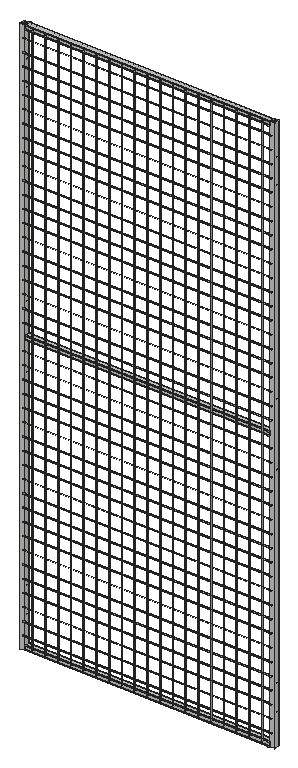
Revit family "conv_troax_wall_separator_ur350", category Möbel, Revit 2017
Family settings
  OmniClass-Nummer = 23.25.40.00
  OmniClass-Titel = Space Division Products
  Arbeitsebenenbasiert = Nein
  Immer vertikal = Ja
  Beim Laden mit Abzugskörper schneiden = Nein
  Gemeinsam genutzt = Nein
  Raumberechnungspunkt = Nein
Parameters (values of type "Caelum mesh panel UR350 1000mm")
  WarrantyStartDate [instance] = "n/a"
  WarrantyGuarantorParts = "n/a"
  WarrantyGuarantorLabor = "n/a"
  WarrantyDurationUnit = "Year"
  WarrantyDurationParts = "n/a"
  WarrantyDurationLabor = "n/a"
  WarrantyDescription = "n/a"
  WallType = ur350 1000 : ur350 1000
  WallPanelMainMaterial = Steel, Carbon
  VersionDate = "01/07/2019"  # constant formula
  Version = "1"  # constant formula
  Uniclass2015Reference = "Pr_25_71_57_60"
  Uniclass2015Description = "Partition panels"
  Uniclass2 = "Pr_25_71_57_60"
  URL = ""
  Type Comments = ""
  TagNumber [instance] = "n/a"
  SustainabilityPerformance = "n/a"
  Size = "21x2200x1000 mm"
  Shape = "Sculptured"
  SerialNumber [instance] = "n/a"
  Revision = "1"  # constant formula
  ReplacementCost = "n/a"
  ProductInformation = "Caelum mesh partitioning is a modular system available in various widths and heights that is suitable for industrial storage applications."
  ProductDatasheet = "https://www.troax.com/sites/all/files/files/troax_-_ur_350_caelum_-_2013-07-03.pdf"
  NominalWidth = 1000 mm
  NominalThickness = 0 mm
  NominalHeight = 2200 mm
  NominalDepth = 21 mm
  Name = "Wall_Separator_UR350_1000"
  NBSReference = "45-35-80/420"
  NBSDescription = "Panel partitions"
  ModelReference = "n/a"
  ModelNumber = "n/a"
  Material = "Carbon steel"
  ManufacturerURL = "https://www.troax.com/gb"
  ManufacturerName = "Troax"
  Modell = "Caelum mesh panel UR350 1000mm"
  Hersteller = "Troax"
  MainColor = "Grey"
  InstallationDate [instance] = "n/a"
  IfcExportType = "FENCE"  # constant formula
  IfcExportAs = "IfcSystemFurnitureElementTypePanel"  # constant formula
  HasOpening = yes
  Grade = "n/a"
  FurniturePanelType = "Other"  # constant formula
  Finish = "Powder coated as standard with a grey RAL 7037 finish; however other RAL colors are available upon request, panels can also be supplied hot dip galvanized for external use or in cold storage areas."
  Features = "Mesh panels can be modified on-site to fit any space; panels are constructed with a tubular welded frame that provides added strength; the system is fully demountable and relocatable"
  ExpectedLife = "n/a"
  DurationUnit = "Year"
  Beschreibung = "Caelum mesh partitioning is a modular system available in various widths and heights that is suitable for industrial storage applications. Mesh panels can be modified on-site to fit any space, providing security where required. Panels are constructed with a tubular welded frame that provides added strength. The system is fully demountable and relocatable, and allows natural light and ventilation. Panels are supplied powder coated as standard with a grey RAL 7037 finish; however other RAL colors are available upon request. Panels can also be supplied hot dip galvanized for external use or in cold storage areas."
  Kosten = 0
  ConvergoRefNr = "0054-1811-0013-SE"
  Constituents = "Cut profile: various length to use after cut height on site; End profile UR/UX L=2200 to use after cut panel length on site; U-profile UR 19x19x2200 various length to use after cut on site"
  Color = "Grey"
  Collection = "Caelum"
  CodePerformance = "n/a"
  Barcode [instance] = "n/a"
  AssetIdentifier [instance] = "n/a"
  Category = "Mesh partitions"
  Brand = "Troax"
  Author = "Convergo AB"  # constant formula
  AssetType = "Fixed"
  AccessibilityPerformance = "n/a"
Types (9, lengths in mm): name | WallType | URL | Size | NominalWidth | Name | Modell | ConvergoRefNr
  (no name) | ur350 1000 : ur350 1000 | "" | "21x2200x1000 mm" | 1000 | "Wall_Separator_UR350_1000" | "Caelum mesh panel UR350 1000mm" | "0054-1811-0013-SE"
  Caelum mesh panel UR350 200mm | ur350 200 : ur350 200 | "https://www.troax.com/ro/warehouse-partitioning/warehouse-partitions-and-industrial-partitions#qt-related-product-index=1" | "21x2200x200 mm" | 200 | "Wall_Separator_UR350_200" | "Caelum mesh panel UR350 200mm" | "0054-1811-0008-SE"
  Caelum mesh panel UR350 300mm | ur350 300 : ur350 300 | "https://www.troax.com/ro/warehouse-partitioning/warehouse-partitions-and-industrial-partitions#qt-related-product-index=1" | "21x2200x300 mm" | 300 | "Wall_Separator_UR350_300" | "Caelum mesh panel UR350 300mm" | "0054-1811-0009-SE"
  Caelum mesh panel UR350 500mm | ur350 500 : ur350 500 | "https://www.troax.com/ro/warehouse-partitioning/warehouse-partitions-and-industrial-partitions#qt-related-product-index=1" | "21x2200x500 mm" | 500 | "Wall_Separator_UR350_500" | "Caelum mesh panel UR350 500mm" | "0054-1811-0010-SE"
  Caelum mesh panel UR350 700mm | ur350 700 : ur350 700 | "https://www.troax.com/ro/warehouse-partitioning/warehouse-partitions-and-industrial-partitions#qt-related-product-index=1" | "21x2200x700 mm" | 700 | "Wall_Separator_UR350_700" | "Caelum mesh panel UR350 700mm" | "0054-1811-0011-SE"
  Caelum mesh panel UR350 800mm | ur350 800 : ur350 800 | "https://www.troax.com/ro/warehouse-partitioning/warehouse-partitions-and-industrial-partitions#qt-related-product-index=1" | "21x2200x800 mm" | 800 | "Wall_Separator_UR350_800" | "Caelum mesh panel UR350 800mm" | "0054-1811-0012-SE"
  Caelum mesh panel UR350 1000mm | ur350 1000 : ur350 1000 | "" | "21x2200x1000 mm" | 1000 | "Wall_Separator_UR350_1000" | "Caelum mesh panel UR350 1000mm" | "0054-1811-0013-SE"
  Caelum mesh panel UR350 1200mm | ur350 1200 : ur350 1200 | "https://www.troax.com/ro/warehouse-partitioning/warehouse-partitions-and-industrial-partitions#qt-related-product-index=1" | "21x2200x1200 mm" | 1200 | "Wall_Separator_UR350_1200" | "Caelum mesh panel UR350 1200mm" | "0054-1811-0014-SE"
  Caelum mesh panel UR350 1500mm | ur350 1500 : ur350 1500 | "https://www.troax.com/ro/warehouse-partitioning/warehouse-partitions-and-industrial-partitions#qt-related-product-index=1" | "21x2200x1500 mm" | 1500 | "Wall_Separator_UR350_1500" | "Caelum mesh panel UR350 1500mm" | "0054-1811-0015-SE"
Reference planes
  plane 1 "Center (Front/Back)": y = 0
  plane 2: z = 0
  plane 3 "Center (Left/Right)": x = 0
  plane 4: x = -500
  plane 5: x = 500
  plane 6: y = 10.8
  plane 7: y = -10.2
  plane 8: z = 2200
Dimensions and locks
  "NominalDepth": plane 6 to plane 7
  equal spacing: plane 4, plane 3 "Center (Left/Right)", plane 5
  "NominalWidth": plane 4 to plane 5
  "NominalHeight": plane 8 to level
  aligned and locked: level to plane 2
Nested families
  nested 1: "ur350 1000" at (0, 0, 0), type <- "WallType", MeshMaterial <- "WallPanelMainMaterial", type "ur350 1000"
    with MeshMaterial Steel, Carbon
Definition of nested family "ur350 1000"
  Parameters (values of type "ur350 1000")
    MeshMaterial [instance] = none
  Reference planes
    plane 1 "Center (Front/Back)": y = 0
    plane 2: z = 0
    plane 3 "Center (Left/Right)": x = 0
    plane 4: x = 500
    plane 5: x = -500
    plane 6: y = 10.75
    plane 7: y = -10
    plane 8: z = 2200
  Forms (mm)
    Extrusion 1, solid, material <- "MeshMaterial", detail levels medium+fine
      sketch origin (0, 0.7, 0) x (1, 0, 0) y (0, 1, 0)
        loop
          circle (-50, -9.45) r 1.25
        loop
          circle (0, -9.45) r 1.25
        loop
          circle (50, -9.45) r 1.25
        loop
          circle (-100, -9.45) r 1.25
        loop
          circle (100, -9.45) r 1.25
        loop
          circle (-150, -9.45) r 1.25
        loop
          circle (-200, -9.45) r 1.25
        loop
          circle (150, -9.45) r 1.25
        loop
          circle (200, -9.45) r 1.25
        loop
          circle (-250, -9.45) r 1.25
        loop
          circle (-300, -9.45) r 1.25
        loop
          circle (250, -9.45) r 1.25
        loop
          circle (300, -9.45) r 1.25
        loop
          circle (-350, -9.45) r 1.25
        loop
          circle (350, -9.45) r 1.25
        loop
          circle (400, -9.45) r 1.25
        loop
          circle (450, -9.45) r 1.25
        loop
          circle (-400, -9.45) r 1.25
        loop
          circle (-450, -9.45) r 1.25
      from 10 to 2190
    Extrusion 2, solid, material <- "MeshMaterial", detail levels medium+fine
      sketch origin (0, 0.75, 0) x (0, 1, 0) y (0, 0, 1)
        loop
          arc (-9.75, 2150) -> (-7.709, 2149.032) -> (-8.25, 2151.225) r 1.25
          arc (-8.25, 2151.225) -> (-9.291, 2150.968) -> (-9.75, 2150) r 1.25
        loop
          arc (-9.75, 2050) -> (-7.709, 2049.032) -> (-8.25, 2051.225) r 1.25
          arc (-8.25, 2051.225) -> (-9.291, 2050.968) -> (-9.75, 2050) r 1.25
        loop
          arc (-9.75, 1950) -> (-7.709, 1949.032) -> (-8.25, 1951.225) r 1.25
          arc (-8.25, 1951.225) -> (-9.291, 1950.968) -> (-9.75, 1950) r 1.25
        loop
          arc (-9.75, 1850) -> (-7.709, 1849.032) -> (-8.25, 1851.225) r 1.25
          arc (-8.25, 1851.225) -> (-9.291, 1850.968) -> (-9.75, 1850) r 1.25
        loop
          arc (-9.75, 1750) -> (-7.709, 1749.032) -> (-8.25, 1751.225) r 1.25
          arc (-8.25, 1751.225) -> (-9.291, 1750.968) -> (-9.75, 1750) r 1.25
        loop
          arc (-9.75, 1650) -> (-7.709, 1649.032) -> (-8.25, 1651.225) r 1.25
          arc (-8.25, 1651.225) -> (-9.291, 1650.968) -> (-9.75, 1650) r 1.25
        loop
          arc (-9.75, 1550) -> (-7.709, 1549.032) -> (-8.25, 1551.225) r 1.25
          arc (-8.25, 1551.225) -> (-9.291, 1550.968) -> (-9.75, 1550) r 1.25
        loop
          arc (-9.75, 1450) -> (-7.709, 1449.032) -> (-8.25, 1451.225) r 1.25
          arc (-8.25, 1451.225) -> (-9.291, 1450.968) -> (-9.75, 1450) r 1.25
        loop
          arc (-9.75, 1350) -> (-7.709, 1349.032) -> (-8.25, 1351.225) r 1.25
          arc (-8.25, 1351.225) -> (-9.291, 1350.968) -> (-9.75, 1350) r 1.25
        loop
          arc (-9.75, 1250) -> (-7.709, 1249.032) -> (-8.25, 1251.225) r 1.25
          arc (-8.25, 1251.225) -> (-9.291, 1250.968) -> (-9.75, 1250) r 1.25
        loop
          arc (-9.75, 1150) -> (-7.709, 1149.032) -> (-8.25, 1151.225) r 1.25
          arc (-8.25, 1151.225) -> (-9.291, 1150.968) -> (-9.75, 1150) r 1.25
        loop
          arc (-9.75, 1050) -> (-7.709, 1049.032) -> (-8.25, 1051.225) r 1.25
          arc (-8.25, 1051.225) -> (-9.291, 1050.968) -> (-9.75, 1050) r 1.25
        loop
          arc (-9.75, 950) -> (-7.709, 949.032) -> (-8.25, 951.225) r 1.25
          arc (-8.25, 951.225) -> (-9.291, 950.968) -> (-9.75, 950) r 1.25
        loop
          arc (-9.75, 850) -> (-7.709, 849.032) -> (-8.25, 851.225) r 1.25
          arc (-8.25, 851.225) -> (-9.291, 850.968) -> (-9.75, 850) r 1.25
        loop
          arc (-9.75, 750) -> (-7.709, 749.032) -> (-8.25, 751.225) r 1.25
          arc (-8.25, 751.225) -> (-9.291, 750.968) -> (-9.75, 750) r 1.25
        loop
          arc (-9.75, 650) -> (-7.709, 649.032) -> (-8.25, 651.225) r 1.25
          arc (-8.25, 651.225) -> (-9.291, 650.968) -> (-9.75, 650) r 1.25
        loop
          arc (-9.75, 550) -> (-7.709, 549.032) -> (-8.25, 551.225) r 1.25
          arc (-8.25, 551.225) -> (-9.291, 550.968) -> (-9.75, 550) r 1.25
        loop
          arc (-9.75, 450) -> (-7.709, 449.032) -> (-8.25, 451.225) r 1.25
          arc (-8.25, 451.225) -> (-9.291, 450.968) -> (-9.75, 450) r 1.25
        loop
          arc (-9.75, 350) -> (-7.709, 349.032) -> (-8.25, 351.225) r 1.25
          arc (-8.25, 351.225) -> (-9.291, 350.968) -> (-9.75, 350) r 1.25
        loop
          arc (-9.75, 250) -> (-7.709, 249.032) -> (-8.25, 251.225) r 1.25
          arc (-8.25, 251.225) -> (-9.291, 250.968) -> (-9.75, 250) r 1.25
        loop
          arc (-9.75, 150) -> (-7.709, 149.032) -> (-8.25, 151.225) r 1.25
          arc (-8.25, 151.225) -> (-9.291, 150.968) -> (-9.75, 150) r 1.25
        loop
          arc (-9.75, 50) -> (-7.709, 49.032) -> (-8.25, 51.225) r 1.25
          arc (-8.25, 51.225) -> (-9.291, 50.968) -> (-9.75, 50) r 1.25
        loop
          arc (-9.75, 2100) -> (-7.709, 2099.032) -> (-8.25, 2101.225) r 1.25
          arc (-8.25, 2101.225) -> (-9.291, 2100.968) -> (-9.75, 2100) r 1.25
        loop
          arc (-9.75, 2000) -> (-7.709, 1999.032) -> (-8.25, 2001.225) r 1.25
          arc (-8.25, 2001.225) -> (-9.291, 2000.968) -> (-9.75, 2000) r 1.25
        loop
          arc (-9.75, 1900) -> (-7.709, 1899.032) -> (-8.25, 1901.225) r 1.25
          arc (-8.25, 1901.225) -> (-9.291, 1900.968) -> (-9.75, 1900) r 1.25
        loop
          arc (-9.75, 1800) -> (-7.709, 1799.032) -> (-8.25, 1801.225) r 1.25
          arc (-8.25, 1801.225) -> (-9.291, 1800.968) -> (-9.75, 1800) r 1.25
        loop
          arc (-9.75, 1700) -> (-7.709, 1699.032) -> (-8.25, 1701.225) r 1.25
          arc (-8.25, 1701.225) -> (-9.291, 1700.968) -> (-9.75, 1700) r 1.25
        loop
          arc (-9.75, 1600) -> (-7.709, 1599.032) -> (-8.25, 1601.225) r 1.25
          arc (-8.25, 1601.225) -> (-9.291, 1600.968) -> (-9.75, 1600) r 1.25
        loop
          arc (-9.75, 1500) -> (-7.709, 1499.032) -> (-8.25, 1501.225) r 1.25
          arc (-8.25, 1501.225) -> (-9.291, 1500.968) -> (-9.75, 1500) r 1.25
        loop
          arc (-9.75, 1400) -> (-7.709, 1399.032) -> (-8.25, 1401.225) r 1.25
          arc (-8.25, 1401.225) -> (-9.291, 1400.968) -> (-9.75, 1400) r 1.25
        loop
          arc (-9.75, 1300) -> (-7.709, 1299.032) -> (-8.25, 1301.225) r 1.25
          arc (-8.25, 1301.225) -> (-9.291, 1300.968) -> (-9.75, 1300) r 1.25
        loop
          arc (-9.75, 1200) -> (-7.709, 1199.032) -> (-8.25, 1201.225) r 1.25
          arc (-8.25, 1201.225) -> (-9.291, 1200.968) -> (-9.75, 1200) r 1.25
        loop
          arc (-9.75, 1000) -> (-7.709, 999.032) -> (-8.25, 1001.225) r 1.25
          arc (-8.25, 1001.225) -> (-9.291, 1000.968) -> (-9.75, 1000) r 1.25
        loop
          arc (-9.75, 900) -> (-7.709, 899.032) -> (-8.25, 901.225) r 1.25
          arc (-8.25, 901.225) -> (-9.291, 900.968) -> (-9.75, 900) r 1.25
        loop
          arc (-9.75, 800) -> (-7.709, 799.032) -> (-8.25, 801.225) r 1.25
          arc (-8.25, 801.225) -> (-9.291, 800.968) -> (-9.75, 800) r 1.25
        loop
          arc (-9.75, 700) -> (-7.709, 699.032) -> (-8.25, 701.225) r 1.25
          arc (-8.25, 701.225) -> (-9.291, 700.968) -> (-9.75, 700) r 1.25
        loop
          arc (-9.75, 600) -> (-7.709, 599.032) -> (-8.25, 601.225) r 1.25
          arc (-8.25, 601.225) -> (-9.291, 600.968) -> (-9.75, 600) r 1.25
        loop
          arc (-9.75, 500) -> (-7.709, 499.032) -> (-8.25, 501.225) r 1.25
          arc (-8.25, 501.225) -> (-9.291, 500.968) -> (-9.75, 500) r 1.25
        loop
          arc (-9.75, 400) -> (-7.709, 399.032) -> (-8.25, 401.225) r 1.25
          arc (-8.25, 401.225) -> (-9.291, 400.968) -> (-9.75, 400) r 1.25
        loop
          arc (-9.75, 300) -> (-7.709, 299.032) -> (-8.25, 301.225) r 1.25
          arc (-8.25, 301.225) -> (-9.291, 300.968) -> (-9.75, 300) r 1.25
        loop
          arc (-9.75, 200) -> (-7.709, 199.032) -> (-8.25, 201.225) r 1.25
          arc (-8.25, 201.225) -> (-9.291, 200.968) -> (-9.75, 200) r 1.25
        loop
          arc (-9.75, 100) -> (-7.709, 99.032) -> (-8.25, 101.225) r 1.25
          arc (-8.25, 101.225) -> (-9.291, 100.968) -> (-9.75, 100) r 1.25
      from -490 to 490
    Extrusion 3, solid, material <- "MeshMaterial", detail levels medium+fine
      sketch origin (-400, 0, 0) x (1, 0, 0) y (0, 1, 0)
        loop
          line (-100, 9.45) -> (-100, -6.95)
          arc (-100, -6.95) -> (-99.619, -7.869) -> (-98.7, -8.25) r 1.3
          line (-98.7, -8.25) -> (-82.3, -8.25)
          arc (-82.3, -8.25) -> (-81.381, -7.869) -> (-81, -6.95) r 1.3
          line (-81, -6.95) -> (-81, 9.45)
          arc (-81, 9.45) -> (-81.381, 10.369) -> (-82.3, 10.75) r 1.3
          line (-82.3, 10.75) -> (-98.7, 10.75)
          arc (-98.7, 10.75) -> (-99.619, 10.369) -> (-100, 9.45) r 1.3
        loop
          line (-82, 9.75) -> (-99, 9.75) -> (-99, -7.25) -> (-82, -7.25) -> (-82, 9.75)
      from 0 to 2200
    Extrusion 4, solid, material <- "MeshMaterial", detail levels medium+fine
      sketch origin (150, 0, 0) x (-1, 0, 0) y (0, -1, 0)
        loop
          arc (-350, -9.45) -> (-349.619, -10.369) -> (-348.7, -10.75) r 1.3
          line (-348.7, -10.75) -> (-332.3, -10.75)
          arc (-332.3, -10.75) -> (-331.381, -10.369) -> (-331, -9.45) r 1.3
          line (-331, -9.45) -> (-331, 6.95)
          arc (-331, 6.95) -> (-331.381, 7.869) -> (-332.3, 8.25) r 1.3
          line (-332.3, 8.25) -> (-348.7, 8.25)
          arc (-348.7, 8.25) -> (-349.619, 7.869) -> (-350, 6.95) r 1.3
          line (-350, 6.95) -> (-350, -9.45)
        loop
          line (-332, -9.75) -> (-332, 7.25) -> (-349, 7.25) -> (-349, -9.75) -> (-332, -9.75)
      from 0 to 2200
    Extrusion 5, solid, material <- "MeshMaterial", detail levels medium+fine
      sketch origin (0, 0, -1090.5) x (0, 1, 0) y (0, 0, 1)
        loop
          line (9.45, 2200) -> (-7.05, 2200)
          arc (-7.05, 2200) -> (-8.263, 2198.25) -> (-7.05, 2196.5) r 1.869
          line (-7.05, 2196.5) -> (-7.05, 2184.5)
          arc (-7.05, 2184.5) -> (-8.251, 2182.75) -> (-7.05, 2181) r 1.875
          line (-7.05, 2181) -> (9.45, 2181)
          arc (9.45, 2181) -> (10.369, 2181.381) -> (10.75, 2182.3) r 1.3
          line (10.75, 2182.3) -> (10.75, 2198.7)
          arc (10.75, 2198.7) -> (10.369, 2199.619) -> (9.45, 2200) r 1.3
        loop
          line (9.75, 2182) -> (9.75, 2199) -> (-6.05, 2199) -> (-6.05, 2182) -> (9.75, 2182)
      from -481 to 481
    Extrusion 6, solid, material <- "MeshMaterial", detail levels medium+fine
      sketch origin (0, 0, 0) x (0, 1, 0) y (0, 0, 1)
        loop
          line (9.45, 2200) -> (-7.05, 2200)
          arc (-7.05, 2200) -> (-8.263, 2198.25) -> (-7.05, 2196.5) r 1.869
          line (-7.05, 2196.5) -> (-7.05, 2184.5)
          arc (-7.05, 2184.5) -> (-8.251, 2182.75) -> (-7.05, 2181) r 1.875
          line (-7.05, 2181) -> (9.45, 2181)
          arc (9.45, 2181) -> (10.369, 2181.381) -> (10.75, 2182.3) r 1.3
          line (10.75, 2182.3) -> (10.75, 2198.7)
          arc (10.75, 2198.7) -> (10.369, 2199.619) -> (9.45, 2200) r 1.3
        loop
          line (9.75, 2182) -> (9.75, 2199) -> (-6.05, 2199) -> (-6.05, 2182) -> (9.75, 2182)
      from -481 to 481
    Extrusion 7, solid, material <- "MeshMaterial", detail levels medium+fine
      sketch origin (0, 0, -2181) x (0, 1, 0) y (0, 0, 1)
        loop
          line (9.45, 2200) -> (-7.05, 2200)
          arc (-7.05, 2200) -> (-8.263, 2198.25) -> (-7.05, 2196.5) r 1.869
          line (-7.05, 2196.5) -> (-7.05, 2184.5)
          arc (-7.05, 2184.5) -> (-8.251, 2182.75) -> (-7.05, 2181) r 1.875
          line (-7.05, 2181) -> (9.45, 2181)
          arc (9.45, 2181) -> (10.369, 2181.381) -> (10.75, 2182.3) r 1.3
          line (10.75, 2182.3) -> (10.75, 2198.7)
          arc (10.75, 2198.7) -> (10.369, 2199.619) -> (9.45, 2200) r 1.3
        loop
          line (9.75, 2182) -> (9.75, 2199) -> (-6.05, 2199) -> (-6.05, 2182) -> (9.75, 2182)
      from -481 to 481
    Extrusion 8, void
      sketch origin (0, 0, 0) x (0, 1, 0) y (0, 0, 1)
        loop
          circle (1.25, 2075) r 5
        loop
          circle (1.25, 1975) r 5
        loop
          circle (1.25, 1225) r 5
        loop
          circle (1.25, 975) r 5
        loop
          circle (1.25, 225) r 5
        loop
          circle (1.25, 125) r 5
      from -2443.968 to 2106.031
    Extrusion 9, solid, material <- "MeshMaterial", detail levels coarse
      sketch origin (0, 0, 0) x (1, 0, 0) y (0, 1, 0)
        loop
          line (-500, -10) -> (500, -10) -> (500, 10.75) -> (-500, 10.75) -> (-500, -10)
      from 0 to 2200
  Cuts and joins
    Extrusion 8 cuts Extrusion 4
    Extrusion 8 cuts Extrusion 3
  Lines and regions (mm)
    symbolic lines, detail levels medium+fine
      curve 1: line (0, 10.75, 2200) -> (0, 10.75, 0)
      curve 2: line (0, 10.75, 0) -> (0, -8.25, 0)
      curve 3: line (0, -8.25, 0) -> (0, -8.25, 10)
      curve 4: line (0, -8.25, 10) -> (0, -10, 10)
      curve 5: line (0, -10, 10) -> (0, -10, 2190)
      curve 6: line (0, -10, 2190) -> (0, -8.25, 2190)
      curve 7: line (0, -8.25, 2190) -> (0, -8.25, 2200)
      curve 8: line (0, -8.25, 2200) -> (0, 10.75, 2200)
      curve 22: line (-500, 0, 2200) -> (500, 0, 2200)
      curve 23: line (-500, 0, 0) -> (-500, 0, 2200)
      curve 24: line (500, 0, 0) -> (-500, 0, 0)
      curve 25: line (500, 0, 2200) -> (500, 0, 0)
    symbolic lines, detail levels fine
      curve 9: line (0, -8.25, 2190) -> (0, -8.25, 10)
      curve 10: arc (0, 6.25, 2075) -> (0, 1.25, 2080) -> (0, -3.75, 2075) r 5
      curve 11: arc (0, -3.75, 2075) -> (0, 1.25, 2070) -> (0, 6.25, 2075) r 5
      curve 12: arc (0, 6.25, 1975) -> (0, 1.25, 1980) -> (0, -3.75, 1975) r 5
      curve 13: arc (0, -3.75, 1975) -> (0, 1.25, 1970) -> (0, 6.25, 1975) r 5
      curve 14: arc (0, 6.25, 1225) -> (0, 1.25, 1230) -> (0, -3.75, 1225) r 5
      curve 15: arc (0, -3.75, 1225) -> (0, 1.25, 1220) -> (0, 6.25, 1225) r 5
      curve 16: arc (0, -3.75, 975) -> (0, 1.25, 970) -> (0, 6.25, 975) r 5
      curve 17: arc (0, 6.25, 975) -> (0, 1.25, 980) -> (0, -3.75, 975) r 5
      curve 18: arc (0, 6.25, 225) -> (0, 1.25, 230) -> (0, -3.75, 225) r 5
      curve 19: arc (0, -3.75, 225) -> (0, 1.25, 220) -> (0, 6.25, 225) r 5
      curve 20: arc (0, 6.25, 125) -> (0, 1.25, 130) -> (0, -3.75, 125) r 5
      curve 21: arc (0, -3.75, 125) -> (0, 1.25, 120) -> (0, 6.25, 125) r 5
      curve 26: line (-481, 0, 3.5) -> (481, 0, 3.5)
      curve 27: line (-481, 0, 48.75) -> (-481, 0, 0)
      curve 28: line (-481, 0, 2196.5) -> (481, 0, 2196.5)
      curve 29: line (-500, 9.45, 0) -> (-500, -6.95, 0)
      curve 30: arc (-498.7, 10.75, 0) -> (-499.619, 10.369, 0) -> (-500, 9.45, 0) r 1.3
      curve 31: line (-482.3, 10.75, 0) -> (-498.7, 10.75, 0)
      curve 32: arc (-481, 9.45, 0) -> (-481.381, 10.369, 0) -> (-482.3, 10.75, 0) r 1.3
      curve 33: line (-481, 9.45, 0) -> (-481, 10.75, 0)
      curve 34: arc (-500, -6.95, 0) -> (-499.619, -7.869, 0) -> (-498.7, -8.25, 0) r 1.3
      curve 35: line (-498.7, -8.25, 0) -> (-490, -8.25, 0)
      curve 36: line (-490, -9.05, 0) -> (-451.225, -9.05, 0)
      curve 37: arc (-51.225, -9.05, 0) -> (-50.001, -10, 0) -> (-48.776, -9.053, 0) r 1.265
      curve 38: line (-48.776, -9.053, 0) -> (-1.224, -9.053, 0)
      curve 39: arc (-1.224, -9.053, 0) -> (0, -10, 0) -> (1.224, -9.053, 0) r 1.265
      curve 40: line (500, 9.45, 0) -> (500, -6.95, 0)
      curve 41: arc (498.7, 10.75, 0) -> (499.619, 10.369, 0) -> (500, 9.45, 0) r 1.3
      curve 42: line (482.3, 10.75, 0) -> (498.7, 10.75, 0)
      curve 43: arc (481, 9.45, 0) -> (481.381, 10.369, 0) -> (482.3, 10.75, 0) r 1.3
      curve 44: line (481, 9.45, 0) -> (481, 10.75, 0)
      curve 45: arc (500, -6.95, 0) -> (499.619, -7.869, 0) -> (498.7, -8.25, 0) r 1.3
      curve 46: line (498.7, -8.25, 0) -> (490, -8.25, 0)
      curve 47: line (490, -9.05, 0) -> (451.225, -9.05, 0)
      curve 48: arc (51.225, -9.05, 0) -> (50.001, -10, 0) -> (48.776, -9.053, 0) r 1.265
      curve 49: line (48.776, -9.053, 0) -> (1.224, -9.053, 0)
      curve 50: line (-481, 10.75, 0) -> (481, 10.75, 0)
      curve 51: line (-499, -7.25, 0) -> (-499, 9.75, 0)
      curve 52: line (-499, 9.75, 0) -> (-482, 9.75, 0)
      curve 53: line (-482, 9.75, 0) -> (-482, -7.25, 0)
      curve 54: line (-482, -7.25, 0) -> (-499, -7.25, 0)
      curve 55: line (-490, -8.25, 0) -> (-482.3, -8.25, 0)
      curve 56: arc (-482.3, -8.25, 0) -> (-481.381, -7.869, 0) -> (-481, -6.95, 0) r 1.3
      curve 57: line (-481, -6.95, 0) -> (-481, 9.45, 0)
      curve 58: line (482, -7.25, 0) -> (482, 9.75, 0)
      curve 59: line (482, 9.75, 0) -> (499, 9.75, 0)
      curve 60: line (499, 9.75, 0) -> (499, -7.25, 0)
      curve 61: line (499, -7.25, 0) -> (482, -7.25, 0)
      curve 62: line (481, 9.45, 0) -> (481, -7, 0)
      curve 63: arc (481, -7, 0) -> (481.366, -7.884, 0) -> (482.25, -8.25, 0) r 1.25
      curve 64: line (490, -8.25, 0) -> (482.25, -8.25, 0)
      curve 65: line (481, 0, 2200) -> (481, 0, 0)
      curve 66: arc (98.775, -9.05, 0) -> (99.999, -10, 0) -> (101.224, -9.053, 0) r 1.265
      curve 67: line (98.775, -9.05, 0) -> (51.225, -9.05, 0)
      curve 68: arc (-98.775, -9.05, 0) -> (-99.999, -10, 0) -> (-101.224, -9.053, 0) r 1.265
      curve 69: line (-98.775, -9.05, 0) -> (-51.225, -9.05, 0)
      curve 70: arc (-151.225, -9.05, 0) -> (-150.001, -10, 0) -> (-148.776, -9.053, 0) r 1.265
      curve 71: line (-148.776, -9.053, 0) -> (-101.224, -9.053, 0)
      curve 72: arc (-198.775, -9.05, 0) -> (-199.999, -10, 0) -> (-201.224, -9.053, 0) r 1.265
      curve 73: line (-198.775, -9.05, 0) -> (-151.225, -9.05, 0)
      curve 74: arc (-251.225, -9.05, 0) -> (-250.001, -10, 0) -> (-248.776, -9.053, 0) r 1.265
      curve 75: line (-248.776, -9.053, 0) -> (-201.224, -9.053, 0)
      curve 76: arc (-298.775, -9.05, 0) -> (-300, -10, 0) -> (-301.225, -9.05, 0) r 1.265
      curve 77: line (-298.775, -9.05, 0) -> (-251.225, -9.05, 0)
      curve 78: arc (151.225, -9.05, 0) -> (150.001, -10, 0) -> (148.776, -9.053, 0) r 1.265
      curve 79: line (148.776, -9.053, 0) -> (101.224, -9.053, 0)
      curve 80: arc (198.775, -9.05, 0) -> (199.999, -10, 0) -> (201.224, -9.053, 0) r 1.265
      curve 81: line (198.775, -9.05, 0) -> (151.225, -9.05, 0)
      curve 82: arc (251.225, -9.05, 0) -> (250.001, -10, 0) -> (248.776, -9.053, 0) r 1.265
      curve 83: line (248.776, -9.053, 0) -> (201.224, -9.053, 0)
      curve 84: arc (298.775, -9.05, 0) -> (300, -10, 0) -> (301.225, -9.05, 0) r 1.265
      curve 85: line (298.775, -9.05, 0) -> (251.225, -9.05, 0)
      curve 86: arc (-348.775, -9.05, 0) -> (-350, -10, 0) -> (-351.225, -9.05, 0) r 1.265
      curve 87: line (-348.775, -9.05, 0) -> (-301.225, -9.05, 0)
      curve 88: arc (348.775, -9.05, 0) -> (350, -10, 0) -> (351.225, -9.05, 0) r 1.265
      curve 89: line (348.775, -9.05, 0) -> (301.225, -9.05, 0)
      curve 90: arc (-398.775, -9.05, 0) -> (-400, -10, 0) -> (-401.225, -9.05, 0) r 1.265
      curve 91: line (-398.775, -9.05, 0) -> (-351.225, -9.05, 0)
      curve 92: arc (-448.775, -9.05, 0) -> (-450, -10, 0) -> (-451.225, -9.05, 0) r 1.265
      curve 93: line (-448.775, -9.05, 0) -> (-401.225, -9.05, 0)
      curve 94: arc (398.775, -9.05, 0) -> (400, -10, 0) -> (401.225, -9.05, 0) r 1.265
      curve 95: line (398.775, -9.05, 0) -> (351.225, -9.05, 0)
      curve 96: arc (448.775, -9.05, 0) -> (450, -10, 0) -> (451.225, -9.05, 0) r 1.265
      curve 97: line (448.775, -9.05, 0) -> (401.225, -9.05, 0)
      curve 98: line (-490, -8.25, 0) -> (-490, -9.05, 0)
      curve 99: line (490, -8.25, 0) -> (490, -9.05, 0)
      curve 100: line (-490, -7.25, 0) -> (-490, -6.45, 0)
      curve 101: line (-490, -6.45, 0) -> (-482, -6.45, 0)
      curve 102: line (-481, -8.25, 0) -> (481, -8.25, 0)
      curve 103: line (-481, -6.95, 0) -> (-481, -8.25, 0)
      curve 104: line (481, -7, 0) -> (481, -8.25, 0)
      curve 105: line (490, -7.25, 0) -> (490, -6.45, 0)
      curve 106: line (490, -6.45, 0) -> (482, -6.45, 0)
      curve 107: arc (0, -8.25, 51.146) -> (0, -9, 50) -> (0, -8.25, 48.854) r 1.25
      curve 108: arc (0, -8.25, 101.146) -> (0, -9, 100) -> (0, -8.25, 98.854) r 1.25
      curve 109: arc (0, -8.25, 151.146) -> (0, -9, 150) -> (0, -8.25, 148.854) r 1.25
      curve 110: arc (0, -8.25, 201.146) -> (0, -9, 200) -> (0, -8.25, 198.854) r 1.25
      curve 111: arc (0, -8.25, 251.146) -> (0, -9, 250) -> (0, -8.25, 248.854) r 1.25
      curve 112: arc (0, -8.25, 301.146) -> (0, -9, 300) -> (0, -8.25, 298.854) r 1.25
      curve 113: arc (0, -8.25, 351.146) -> (0, -9, 350) -> (0, -8.25, 348.854) r 1.25
      curve 114: arc (0, -8.25, 401.146) -> (0, -9, 400) -> (0, -8.25, 398.854) r 1.25
      curve 115: arc (0, -8.25, 451.146) -> (0, -9, 450) -> (0, -8.25, 448.854) r 1.25
      curve 116: arc (0, -8.25, 501.146) -> (0, -9, 500) -> (0, -8.25, 498.854) r 1.25
      curve 117: arc (0, -8.25, 551.146) -> (0, -9, 550) -> (0, -8.25, 548.854) r 1.25
      curve 118: arc (0, -8.25, 601.146) -> (0, -9, 600) -> (0, -8.25, 598.854) r 1.25
      curve 119: arc (0, -8.25, 651.146) -> (0, -9, 650) -> (0, -8.25, 648.854) r 1.25
      curve 120: arc (0, -8.25, 701.146) -> (0, -9, 700) -> (0, -8.25, 698.854) r 1.25
      curve 121: arc (0, -8.25, 751.146) -> (0, -9, 750) -> (0, -8.25, 748.854) r 1.25
      curve 122: arc (0, -8.25, 801.146) -> (0, -9, 800) -> (0, -8.25, 798.854) r 1.25
      curve 123: arc (0, -8.25, 851.146) -> (0, -9, 850) -> (0, -8.25, 848.854) r 1.25
      curve 124: arc (0, -8.25, 901.146) -> (0, -9, 900) -> (0, -8.25, 898.854) r 1.25
      curve 125: arc (0, -8.25, 951.146) -> (0, -9, 950) -> (0, -8.25, 948.854) r 1.25
      curve 126: arc (0, -8.25, 1001.146) -> (0, -9, 1000) -> (0, -8.25, 998.854) r 1.25
      curve 127: arc (0, -8.25, 1051.146) -> (0, -9, 1050) -> (0, -8.25, 1048.854) r 1.25
      curve 128: arc (0, -8.25, 1151.146) -> (0, -9, 1150) -> (0, -8.25, 1148.854) r 1.25
      curve 129: arc (0, -8.25, 1201.146) -> (0, -9, 1200) -> (0, -8.25, 1198.854) r 1.25
      curve 130: arc (0, -8.25, 1251.146) -> (0, -9, 1250) -> (0, -8.25, 1248.854) r 1.25
      curve 131: arc (0, -8.25, 1301.146) -> (0, -9, 1300) -> (0, -8.25, 1298.854) r 1.25
      curve 132: arc (0, -8.25, 1351.146) -> (0, -9, 1350) -> (0, -8.25, 1348.854) r 1.25
      curve 133: arc (0, -8.25, 1401.146) -> (0, -9, 1400) -> (0, -8.25, 1398.854) r 1.25
      curve 134: arc (0, -8.25, 1451.146) -> (0, -9, 1450) -> (0, -8.25, 1448.854) r 1.25
      curve 135: arc (0, -8.25, 1501.146) -> (0, -9, 1500) -> (0, -8.25, 1498.854) r 1.25
      curve 136: arc (0, -8.25, 1551.146) -> (0, -9, 1550) -> (0, -8.25, 1548.854) r 1.25
      curve 137: arc (0, -8.25, 1601.146) -> (0, -9, 1600) -> (0, -8.25, 1598.854) r 1.25
      curve 138: arc (0, -8.25, 1701.146) -> (0, -9, 1700) -> (0, -8.25, 1698.854) r 1.25
      curve 139: arc (0, -8.25, 1751.146) -> (0, -9, 1750) -> (0, -8.25, 1748.854) r 1.25
      curve 140: arc (0, -8.25, 1801.146) -> (0, -9, 1800) -> (0, -8.25, 1798.854) r 1.25
      curve 141: arc (0, -8.25, 1851.146) -> (0, -9, 1850) -> (0, -8.25, 1848.854) r 1.25
      curve 142: arc (0, -8.25, 1901.146) -> (0, -9, 1900) -> (0, -8.25, 1898.854) r 1.25
      curve 143: arc (0, -8.25, 1951.146) -> (0, -9, 1950) -> (0, -8.25, 1948.854) r 1.25
      curve 144: arc (0, -8.25, 2001.146) -> (0, -9, 2000) -> (0, -8.25, 1998.854) r 1.25
      curve 145: arc (0, -8.25, 2051.146) -> (0, -9, 2050) -> (0, -8.25, 2048.854) r 1.25
      curve 146: arc (0, -8.25, 2101.146) -> (0, -9, 2100) -> (0, -8.25, 2098.854) r 1.25
      curve 147: arc (0, -8.25, 2151.146) -> (0, -9, 2150) -> (0, -8.25, 2148.854) r 1.25
      curve 148: arc (-451.146, -8.25, 0) -> (-451.246, -8.645, 0) -> (-451.213, -9.05, 0) r 1.25
      curve 149: arc (-401.146, -8.25, 0) -> (-401.246, -8.645, 0) -> (-401.213, -9.05, 0) r 1.25
      curve 150: arc (-398.854, -8.25, 0) -> (-398.754, -8.645, 0) -> (-398.787, -9.05, 0) r 1.25
      curve 151: arc (-351.146, -8.25, 0) -> (-351.246, -8.645, 0) -> (-351.213, -9.05, 0) r 1.25
      curve 152: arc (-348.854, -8.25, 0) -> (-348.754, -8.645, 0) -> (-348.787, -9.05, 0) r 1.25
      curve 153: arc (-301.146, -8.25, 0) -> (-301.246, -8.645, 0) -> (-301.213, -9.05, 0) r 1.25
      curve 154: arc (-298.854, -8.25, 0) -> (-298.754, -8.645, 0) -> (-298.787, -9.05, 0) r 1.25
      curve 155: arc (-251.146, -8.25, 0) -> (-251.246, -8.645, 0) -> (-251.213, -9.05, 0) r 1.25
      curve 156: arc (-248.854, -8.25, 0) -> (-248.754, -8.645, 0) -> (-248.787, -9.05, 0) r 1.25
      curve 157: arc (-201.146, -8.25, 0) -> (-201.246, -8.645, 0) -> (-201.213, -9.05, 0) r 1.25
      curve 158: arc (-198.854, -8.25, 0) -> (-198.754, -8.645, 0) -> (-198.787, -9.05, 0) r 1.25
      curve 159: arc (-151.146, -8.25, 0) -> (-151.246, -8.645, 0) -> (-151.213, -9.05, 0) r 1.25
      curve 160: arc (-148.854, -8.25, 0) -> (-148.754, -8.645, 0) -> (-148.787, -9.05, 0) r 1.25
      curve 161: arc (-101.146, -8.25, 0) -> (-101.246, -8.645, 0) -> (-101.213, -9.05, 0) r 1.25
      curve 162: arc (-98.854, -8.25, 0) -> (-98.754, -8.645, 0) -> (-98.787, -9.05, 0) r 1.25
      curve 163: arc (-51.146, -8.25, 0) -> (-51.246, -8.645, 0) -> (-51.213, -9.05, 0) r 1.25
      curve 164: arc (-48.854, -8.25, 0) -> (-48.754, -8.645, 0) -> (-48.787, -9.05, 0) r 1.25
      curve 165: arc (-1.146, -8.25, 0) -> (-1.246, -8.645, 0) -> (-1.213, -9.05, 0) r 1.25
      curve 166: arc (1.146, -8.25, 0) -> (1.246, -8.645, 0) -> (1.213, -9.05, 0) r 1.25
      curve 167: arc (48.854, -8.25, 0) -> (48.754, -8.645, 0) -> (48.787, -9.05, 0) r 1.25
      curve 168: arc (51.146, -8.25, 0) -> (51.246, -8.645, 0) -> (51.213, -9.05, 0) r 1.25
      curve 169: arc (98.854, -8.25, 0) -> (98.754, -8.645, 0) -> (98.787, -9.05, 0) r 1.25
      curve 170: arc (101.146, -8.25, 0) -> (101.246, -8.645, 0) -> (101.213, -9.05, 0) r 1.25
      curve 171: arc (148.854, -8.25, 0) -> (148.754, -8.645, 0) -> (148.787, -9.05, 0) r 1.25
      curve 172: arc (151.146, -8.25, 0) -> (151.246, -8.645, 0) -> (151.213, -9.05, 0) r 1.25
      curve 173: arc (198.854, -8.25, 0) -> (198.754, -8.645, 0) -> (198.787, -9.05, 0) r 1.25
      curve 174: arc (201.146, -8.25, 0) -> (201.246, -8.645, 0) -> (201.213, -9.05, 0) r 1.25
      curve 175: arc (248.854, -8.25, 0) -> (248.754, -8.645, 0) -> (248.787, -9.05, 0) r 1.25
      curve 176: arc (251.146, -8.25, 0) -> (251.246, -8.645, 0) -> (251.213, -9.05, 0) r 1.25
      curve 177: arc (298.854, -8.25, 0) -> (298.754, -8.645, 0) -> (298.787, -9.05, 0) r 1.25
      curve 178: arc (301.146, -8.25, 0) -> (301.246, -8.645, 0) -> (301.213, -9.05, 0) r 1.25
      curve 179: arc (348.854, -8.25, 0) -> (348.754, -8.645, 0) -> (348.787, -9.05, 0) r 1.25
      curve 180: arc (351.146, -8.25, 0) -> (351.246, -8.645, 0) -> (351.213, -9.05, 0) r 1.25
      curve 181: arc (398.854, -8.25, 0) -> (398.754, -8.645, 0) -> (398.787, -9.05, 0) r 1.25
      curve 182: arc (401.146, -8.25, 0) -> (401.246, -8.645, 0) -> (401.213, -9.05, 0) r 1.25
      curve 183: arc (448.854, -8.25, 0) -> (448.754, -8.645, 0) -> (448.787, -9.05, 0) r 1.25
      curve 184: arc (451.146, -8.25, 0) -> (451.246, -8.645, 0) -> (451.213, -9.05, 0) r 1.25
      curve 185: arc (0, -8.25, 1651.146) -> (0, -9, 1650) -> (0, -8.25, 1648.854) r 1.25
      curve 186: arc (-448.854, -8.25, 0) -> (-448.754, -8.645, 0) -> (-448.787, -9.05, 0) r 1.25
      curve 191: line (-481, 0, 2200) -> (-481, 0, 0)
      curve 192: line (-481, 0, 2181) -> (481, 0, 2181)
      curve 193: line (-481, 0, 2184.5) -> (481, 0, 2184.5)
      curve 194: line (-450, 0, 2190) -> (-450, 0, 10)
      curve 195: line (-400, 0, 2190) -> (-400, 0, 10)
      curve 196: line (-350, 0, 2190) -> (-350, 0, 10)
      curve 197: line (-300, 0, 2190) -> (-300, 0, 10)
      curve 198: line (-250, 0, 2190) -> (-250, 0, 10)
      curve 199: line (-200, 0, 2190) -> (-200, 0, 10)
      curve 200: line (-150, 0, 2190) -> (-150, 0, 10)
      curve 201: line (-100, 0, 2190) -> (-100, 0, 10)
      curve 202: line (-50, 0, 2190) -> (-50, 0, 10)
      curve 203: line (450, 0, 2190) -> (450, 0, 10)
      curve 204: line (400, 0, 2190) -> (400, 0, 10)
      curve 205: line (350, 0, 2190) -> (350, 0, 10)
      curve 206: line (300, 0, 2190) -> (300, 0, 10)
      curve 207: line (250, 0, 2190) -> (250, 0, 10)
      curve 208: line (200, 0, 2190) -> (200, 0, 10)
      curve 209: line (150, 0, 2190) -> (150, 0, 10)
      curve 210: line (100, 0, 2190) -> (100, 0, 10)
      curve 211: line (50, 0, 2190) -> (50, 0, 10)
      curve 212: line (0, 0, 2190) -> (0, 0, 10)
      curve 213: line (481, 0, 15.5) -> (-481, 0, 15.5)
      curve 214: line (481, 0, 19) -> (-481, 0, 19)
      curve 215: line (-490, 0, 2150) -> (490, 0, 2150)
      curve 216: line (-490, 0, 2100) -> (490, 0, 2100)
      curve 217: line (-490, 0, 2050) -> (490, 0, 2050)
      curve 218: line (-490, 0, 2000) -> (490, 0, 2000)
      curve 219: line (-490, 0, 1950) -> (490, 0, 1950)
      curve 220: line (-490, 0, 1900) -> (490, 0, 1900)
      curve 221: line (-490, 0, 1850) -> (490, 0, 1850)
      curve 222: line (-490, 0, 1800) -> (490, 0, 1800)
      curve 223: line (-490, 0, 1750) -> (490, 0, 1750)
      curve 224: line (-490, 0, 1700) -> (490, 0, 1700)
      curve 225: line (-490, 0, 1650) -> (490, 0, 1650)
      curve 226: line (-490, 0, 1600) -> (490, 0, 1600)
      curve 227: line (-490, 0, 1550) -> (490, 0, 1550)
      curve 228: line (-490, 0, 1500) -> (490, 0, 1500)
      curve 229: line (-490, 0, 1450) -> (490, 0, 1450)
      curve 230: line (-490, 0, 1400) -> (490, 0, 1400)
      curve 231: line (-490, 0, 1350) -> (490, 0, 1350)
      curve 232: line (-490, 0, 1300) -> (490, 0, 1300)
      curve 233: line (-490, 0, 1250) -> (490, 0, 1250)
      curve 234: line (-490, 0, 1200) -> (490, 0, 1200)
      curve 235: line (-490, 0, 1150) -> (490, 0, 1150)
      curve 236: line (-490, 0, 50) -> (490, 0, 50)
      curve 237: line (-490, 0, 100) -> (490, 0, 100)
      curve 238: line (-490, 0, 150) -> (490, 0, 150)
      curve 239: line (-490, 0, 200) -> (490, 0, 200)
      curve 240: line (-490, 0, 250) -> (490, 0, 250)
      curve 241: line (-490, 0, 300) -> (490, 0, 300)
      curve 242: line (-490, 0, 350) -> (490, 0, 350)
      curve 243: line (-490, 0, 400) -> (490, 0, 400)
      curve 244: line (-490, 0, 450) -> (490, 0, 450)
      curve 245: line (-490, 0, 500) -> (490, 0, 500)
      curve 246: line (-490, 0, 550) -> (490, 0, 550)
      curve 247: line (-490, 0, 600) -> (490, 0, 600)
      curve 248: line (-490, 0, 650) -> (490, 0, 650)
      curve 249: line (-490, 0, 700) -> (490, 0, 700)
      curve 250: line (-490, 0, 750) -> (490, 0, 750)
      curve 251: line (-490, 0, 800) -> (490, 0, 800)
      curve 252: line (-490, 0, 850) -> (490, 0, 850)
      curve 253: line (-490, 0, 900) -> (490, 0, 900)
      curve 254: line (-490, 0, 950) -> (490, 0, 950)
      curve 255: line (-490, 0, 1000) -> (490, 0, 1000)
      curve 256: line (-490, 0, 1050) -> (490, 0, 1050)
      curve 257: line (481, 0, 1109.5) -> (-481, 0, 1109.5)
      curve 258: line (481, 0, 1106) -> (-481, 0, 1106)
      curve 259: line (-481, 0, 1094) -> (481, 0, 1094)
      curve 260: line (-481, 0, 1090.5) -> (481, 0, 1090.5)
    symbolic lines, detail levels medium
      curve 187: line (-500, 10.75, 0) -> (500, 10.75, 0)
      curve 188: line (-500, -10, 0) -> (-500, 10.75, 0)
      curve 189: line (500, -10, 0) -> (-500, -10, 0)
      curve 190: line (500, 10.75, 0) -> (500, -10, 0)
  Dimensions and locks
    aligned and locked: level to plane 2
